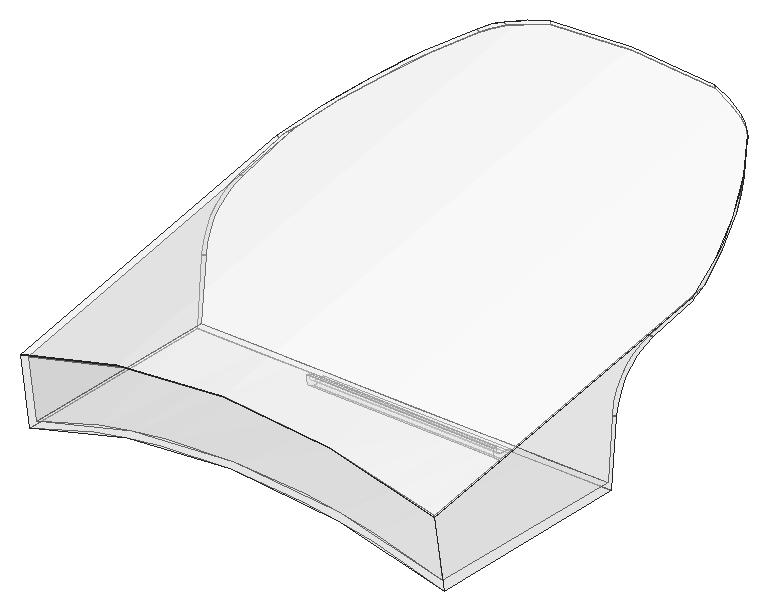
Revit family "Magnuson-Dacapo-A4_Pocket-1", category Furniture, host Face, Revit 2016
Family settings
  Host = Face
  Cut with Voids When Loaded = No
  Shared = No
  Room Calculation Point = No
Parameters (values of type "DCT-A4")
  Width = 9 1/4"
  URL = "www.magnusongroup.com"
  Type Comments = "DACAPO"  # constant formula
  Tray Finish = MAG - Polystyrene
  Salvage or Reuse = yes
  Percentage of Recycled Content = 0
  Model = "DCT-A4"
  Manufacturer = "MAGNUSON"  # constant formula
  Low Emitting Material = yes
  Low Emitting Finish = yes
  Keynote = "12500"
  Height = 11 3/16"
  Description = "A4 sized brochure holder only"
  Depth = 3"
  Default Elevation = 48"
  Assembly Code = "E2020200"
Reference planes (in)
  plane 1 "Center (Front/Back)": y = 0
  plane 2: z = 0
  plane 3 "Center (Left/Right)": x = 0
  plane 4: y = 0.59766
  plane 5: y = -0.59766
  plane 6: z = 4.90234
  plane 7: x = -4.50196
  plane 8: x = 4.50196
  plane 9: y = 6.33984
  plane 10: y = -4.80999
Forms (in)
  Blend 1, solid, material "MAG - Polystyrene" <- "Tray Finish"
    base sketch origin (0, -36.12938, -25.60004) x (1, 0, 0) y (0, 0.171012, -0.985269)
      loop
        arc (4.50196, -20.36935) -> (0, -21.22596) -> (-4.50196, -20.36935) r 12.25842
        line (-4.50196, -20.36935) -> (-4.50196, -21.94566)
        arc (-4.50196, -21.94566) -> (0, -22.79689) -> (4.50196, -21.94566) r 12.33056
        line (4.50196, -21.94566) -> (4.50196, -20.36935)
    top sketch origin (0, -36.17446, -25.60787) x (1, 0, 0) y (0, 0.171012, -0.985269)
      loop
        arc (4.50196, -18.32066) -> (0, -16.98405) -> (-4.50196, -18.32066) r 8.25
        line (-4.50196, -18.32066) -> (-4.50196, -21.94566)
        arc (-4.50196, -21.94566) -> (0, -22.79689) -> (4.50196, -21.94566) r 12.33056
        line (4.50196, -21.94566) -> (4.50196, -18.32066)
    from 35.74447 to 47.06783
  Blend 2, void
    base sketch origin (0, -36.12938, -25.60004) x (1, 0, 0) y (0, 0.171012, -0.985269)
      loop
        line (-4.40821, -20.50634) -> (-4.40821, -21.88155)
        arc (-4.40821, -21.88155) -> (0, -22.70314) -> (4.40821, -21.88155) r 12.23681
        line (4.40821, -21.88155) -> (4.40821, -20.50634)
        arc (4.40821, -20.50634) -> (0, -21.31971) -> (-4.40821, -20.50634) r 12.35217
    top sketch origin (0, -36.17446, -25.60787) x (1, 0, 0) y (0, 0.171012, -0.985269)
      loop
        line (-4.40821, -18.38462) -> (-4.40821, -21.88155)
        arc (-4.40821, -21.88155) -> (0, -22.70314) -> (4.40821, -21.88155) r 12.23681
        line (4.40821, -21.88155) -> (4.40821, -18.38462)
        arc (4.40821, -18.38462) -> (0, -17.10815) -> (-4.40821, -18.38462) r 8.25
    from 35.83634 to 47.14574
  Extrusion 3, void
    sketch origin (0.11419, -36.12938, -25.60004) x (0, 0.171012, -0.985269) y (0, 0.985269, 0.171012)
      loop
        line (-20.89969, 40.5665) -> (-17, 39.52158) -> (-17, 47.6293) -> (-21.88155, 47.6293) -> (-21.88155, 43.04914)
        arc (-21.88155, 43.04914) -> (-21.84702, 42.39794) -> (-21.82586, 41.74616) r 31.79101
        arc (-21.82586, 41.74616) -> (-21.55935, 41.00199) -> (-20.89969, 40.5665) r 1.25
    from -5.22839 to 5
  Extrusion 4, void
    sketch origin (0, -36.12938, -25.60004) x (1, 0, 0) y (0, 0.985269, 0.171012)
      loop
        line (-1.21149, 47.11025) -> (1.21149, 47.11025)
        arc (1.21149, 47.11025) -> (1.9094, 46.98965) -> (2.57071, 46.73609) r 3.63731
        arc (2.57071, 46.73609) -> (2.76645, 46.60757) -> (2.92693, 46.43706) r 1
        arc (2.92693, 46.43706) -> (4.04812, 44.41398) -> (4.60391, 42.16875) r 8.80673
        line (4.60391, 42.16875) -> (4.60391, 47.36025) -> (-4.60391, 47.36025) -> (-4.60391, 42.16875)
        arc (-4.60391, 42.16875) -> (-4.04812, 44.41398) -> (-2.92693, 46.43706) r 8.80673
        arc (-2.92693, 46.43706) -> (-2.76645, 46.60757) -> (-2.57071, 46.73609) r 1
        arc (-2.57071, 46.73609) -> (-1.9094, 46.98965) -> (-1.21149, 47.11025) r 3.63731
    from 21.32621 to 23.13155
  Extrusion 5, solid, material "MAG - Polystyrene" <- "Tray Finish"
    sketch origin (-20.00002, -40.58554, 0.25721) x (0, 0, -1) y (0, 1, 0)
      loop
        line (0, 41.04757) -> (-0.09343, 41.05528) -> (-0.11532, 40.79025)
        arc (-0.11532, 40.79025) -> (-0.16323, 40.70936) -> (-0.25643, 40.69703) r 0.10756
        line (-0.25643, 40.69703) -> (-0.2897, 40.69703) -> (-0.29673, 40.61198)
        arc (-0.29673, 40.61198) -> (-0.11637, 40.62805) -> (-0.02189, 40.78253) r 0.20131
        line (-0.02189, 40.78253) -> (0, 41.04757)
    from 17.97192 to 22.02811
Cuts and joins
  Blend 2, Extrusion 3, Extrusion 4 cuts Blend 1
Lines and regions (in)
  symbolic lines
    curve 1: spline (-1.78277, 0, 4.77469) -> (-1.48724, 0, 4.81365) -> (-1.19084, 0, 4.84555) -> (-0.89374, 0, 4.87039) -> (-0.59612, 0, 4.88814) -> (-0.29814, 0, 4.89879) -> (0, 0, 4.90234) -> (0.29814, 0, 4.89879) -> (0.59612, 0, 4.88814) -> (0.89374, 0, 4.87039) -> (1.19084, 0, 4.84555) -> (1.48724, 0, 4.81365) -> (1.78277, 0, 4.77469)
    curve 2: spline (1.78277, 0, 4.68134) -> (1.48726, 0, 4.72059) -> (1.19087, 0, 4.75275) -> (0.89377, 0, 4.77777) -> (0.59614, 0, 4.79566) -> (0.29816, 0, 4.8064) -> (0, 0, 4.80997) -> (-0.29816, 0, 4.8064) -> (-0.59614, 0, 4.79566) -> (-0.89377, 0, 4.77777) -> (-1.19087, 0, 4.75275) -> (-1.48726, 0, 4.72059) -> (-1.78277, 0, 4.68134)
    curve 3: line (4.50196, 0, 3.34922) -> (4.50196, 0, 0.54639)
    curve 4: line (-4.50196, 0, 0.54639) -> (4.50196, 0, 0.54639)
    curve 5: line (-4.50196, 0, 0.54639) -> (-4.50196, 0, 3.34922)
    curve 6: line (-4.40821, 0, 0.66844) -> (4.40821, 0, 0.66844)
    curve 7: line (4.40821, 0, 0.66844) -> (4.40821, 0, 3.36209)
    curve 8: line (-4.40821, 0, 0.66844) -> (-4.40821, 0, 3.36209)
    curve 9: arc (-3.73674, 0, 4.00549) -> (-2.80458, 0, 4.50396) -> (-1.78277, 0, 4.77469) r 4.56556
    curve 10: arc (-4.50196, 0, 3.34922) -> (-4.13607, 0, 3.69685) -> (-3.73674, 0, 4.00549) r 4.95923
    curve 11: arc (-1.78277, 0, 4.68134) -> (-2.55902, 0, 4.49532) -> (-3.28871, 0, 4.17172) r 4.38657
    curve 12: arc (-3.28871, 0, 4.17172) -> (-3.92422, 0, 3.76187) -> (-4.50196, 0, 3.27394) r 5.88763
    curve 13: arc (3.73674, 0, 4.00549) -> (2.80458, 0, 4.50396) -> (1.78277, 0, 4.77469) r 4.56556
    curve 14: arc (4.50196, 0, 3.34922) -> (4.13607, 0, 3.69685) -> (3.73674, 0, 4.00549) r 4.95923
    curve 15: arc (1.78277, 0, 4.68134) -> (2.55902, 0, 4.49532) -> (3.28871, 0, 4.17172) r 4.38657
    curve 16: arc (3.28871, 0, 4.17172) -> (3.92422, 0, 3.76187) -> (4.50196, 0, 3.27394) r 5.88763
    curve 17: spline (-4.40821, 0, 2.0876) -> (-3.6992, 0, 2.33299) -> (-2.97624, 0, 2.53504) -> (-2.24206, 0, 2.69299) -> (-1.49942, 0, 2.80623) -> (-0.75113, 0, 2.87435) -> (0, 0, 2.89709) -> (0.75113, 0, 2.87435) -> (1.49942, 0, 2.80623) -> (2.24206, 0, 2.69299) -> (2.97624, 0, 2.53504) -> (3.6992, 0, 2.33299) -> (4.40821, 0, 2.0876)
    curve 18: spline (4.40821, 0, 0.73265) -> (3.6987, 0, 0.97562) -> (2.9755, 0, 1.17566) -> (2.24131, 0, 1.33201) -> (1.49883, 0, 1.44411) -> (0.7508, 0, 1.51153) -> (0, 0, 1.53404) -> (-0.7508, 0, 1.51153) -> (-1.49883, 0, 1.44411) -> (-2.24131, 0, 1.33201) -> (-2.9755, 0, 1.17566) -> (-3.6987, 0, 0.97562) -> (-4.40821, 0, 0.73265)
  symbolic lines, style "InvisibleLines", not visible
    curve 19: line (4.50196, 0, 42.66844) -> (4.50196, 0, -8.33156)
    curve 20: line (-4.50196, 0, 42.66844) -> (-4.50196, 0, -8.33156)
Dimensions and locks (in)
  equal spacing: plane 7, plane 3 "Center (Left/Right)", plane 8
  plane 7 to plane 8 = 9 1/256"
  plane 9 to plane 1 "Center (Front/Back)" to plane 10 = 6 87/256", 4.80999"
  plane 9 to plane 10 = 11.14984"
  aligned and locked: plane 2 to host face
  aligned and locked: level to host face
  aligned and locked: plane 8 to curve 19
  aligned and locked: plane 7 to curve 20
Automatic sketch dimensions
  host sketch curve to host sketch curve = 26.03768"
  host sketch curve to host sketch curve = 29.81589"
  Blend 1 sketch curve to plane 7 = 0"  (x2)
  Blend 1 sketch curve to plane 3 "Center (Left/Right)" = 0"  (x4)
  Blend 1 sketch curve to plane 8 = 0"  (x2)
  Blend 1 sketch curve to Blend 1 sketch curve = 1.57631"
  Blend 1 sketch curve to Blend 1 sketch curve = 9.90302"
  Blend 1 sketch curve to Blend 1 sketch curve = 1.4988"
  Blend 1 sketch curve to Blend 1 sketch curve = 3.28838"
  Blend 1 sketch curve to Blend 1 sketch curve = 3 5/8"
  Blend 1 sketch curve to Blend 1 sketch curve = 7.85433"
  Blend 2 sketch curve to plane 3 "Center (Left/Right)" = 0"  (x4)
  Blend 2 sketch curve to plane 7 = 3/32"  (x2)
  plane 8 to Blend 2 sketch curve = 3/32"  (x2)
  Blend 2 sketch curve to Blend 2 sketch curve = 1.37521"
  Blend 2 sketch curve to Blend 2 sketch curve = 10.04001"
  Blend 2 sketch curve to Blend 2 sketch curve = 1.4988"
  Blend 2 sketch curve to Blend 2 sketch curve = 3.47661"
  Blend 2 sketch curve to Blend 2 sketch curve = 3.49693"
  Blend 2 sketch curve to Blend 2 sketch curve = 7.91829"
  Extrusion 3 sketch curve to plane 10 = 0.05128"
  plane 6 to Extrusion 3 sketch curve = 29.33532"
  Extrusion 3 sketch curve to Extrusion 3 sketch curve = 31.72748"
  Extrusion 3 sketch curve to Extrusion 3 sketch curve = 0.98186"
  Extrusion 3 sketch curve to Extrusion 3 sketch curve = 0.32352"
  Extrusion 3 sketch curve to Extrusion 3 sketch curve = 4.88155"
  Extrusion 3 sketch curve to Extrusion 3 sketch curve = 0.47393"
  Extrusion 3 sketch curve to Extrusion 3 sketch curve = 1.04492"
  Extrusion 3 sketch curve to Extrusion 3 sketch curve = 1.20741"
  Extrusion 3 sketch curve to Extrusion 3 sketch curve = 1.30299"
  Extrusion 3 sketch curve to Extrusion 3 sketch curve = 4.58016"
  plane 7 to Extrusion 4 sketch curve = 0.10195"
  Extrusion 4 sketch curve to plane 7 = 0.3533"
  Extrusion 4 sketch curve to plane 3 "Center (Left/Right)" = 2.1235"
  Extrusion 4 sketch curve to plane 3 "Center (Left/Right)" = 1.21149"
  Extrusion 4 sketch curve to plane 3 "Center (Left/Right)" = 0.94406"
  plane 3 "Center (Left/Right)" to Extrusion 4 sketch curve = 0.94406"
  plane 3 "Center (Left/Right)" to Extrusion 4 sketch curve = 1.21149"
  Extrusion 4 sketch curve to Extrusion 4 sketch curve = 0.91201"
  plane 8 to Extrusion 4 sketch curve = 0.3533"
  Extrusion 4 sketch curve to plane 8 = 0.10195"
  Extrusion 4 sketch curve to Extrusion 4 sketch curve = 0"  (x4)
  Extrusion 4 sketch curve to Extrusion 4 sketch curve = 0.97521"  (x2)
  Extrusion 4 sketch curve to Extrusion 4 sketch curve = 1.31403"
  Extrusion 4 sketch curve to Extrusion 4 sketch curve = 2.35888"  (x2)
  Extrusion 4 sketch curve to Extrusion 4 sketch curve = 1.26858"
  Extrusion 4 sketch curve to Extrusion 4 sketch curve = 0.92318"
  Extrusion 5 sketch curve to Extrusion 5 sketch curve = 0"  (x2)
  Extrusion 5 sketch curve to plane 1 "Center (Front/Back)" = 0.02643"
  level to Extrusion 5 sketch curve = 0.55394"
  Extrusion 5 sketch curve to plane 1 "Center (Front/Back)" = 0.11149"
  Extrusion 5 sketch curve to Extrusion 5 sketch curve = 0.00703"
  Extrusion 5 sketch curve to Extrusion 5 sketch curve = 0.03327"
  Extrusion 5 sketch curve to Extrusion 5 sketch curve = 0.03392"
  Extrusion 5 sketch curve to plane 1 "Center (Front/Back)" = 0.20471"
  Extrusion 5 sketch curve to Extrusion 5 sketch curve = 0.10719"
  Extrusion 5 sketch curve to plane 4 = 0.12791"
  Extrusion 5 sketch curve to Extrusion 5 sketch curve = 0.02189"
  Extrusion 5 sketch curve to plane 1 "Center (Front/Back)" = 0.19699"
  plane 7 to curve 5 = 0"
  curve 2 to plane 3 "Center (Left/Right)" = 0"
  curve 18 to plane 3 "Center (Left/Right)" = 0"
  curve 1 to plane 3 "Center (Left/Right)" = 0"
  curve 17 to plane 3 "Center (Left/Right)" = 0"
  plane 8 to curve 3 = 0"
  curve 6 to plane 7 = 3/32"
  level to curve 11 = 0.34022"
  curve 11 to plane 3 "Center (Left/Right)" = 1.15292"
  curve 11 to curve 9 = 0.02071"
  curve 10 to level = 0.06761"
  curve 9 to curve 10 = 0.22458"
  curve 12 to plane 3 "Center (Left/Right)" = 0.42206"
  plane 3 "Center (Left/Right)" to curve 16 = 0.42206"
  curve 14 to level = 0.06761"
  plane 3 "Center (Left/Right)" to curve 14 = 0.90762"
  level to curve 13 = 0.25572"
  curve 14 to curve 13 = 0.22458"
  curve 13 to curve 15 = 0.02071"
  plane 8 to curve 6 = 3/32"
  curve 16 to level = 0.97089"
  curve 12 to curve 16 = 0"
  curve 9 to curve 11 = 0.0845"
  curve 13 to curve 15 = 0.0845"
  level to curve 4 = 0.54639"
  curve 3 to curve 7 = 0.12206"
  curve 5 to plane 6 = 1.55312"
  curve 3 to plane 6 = 1.55312"
  curve 18 to curve 6 = 0"
  curve 9 to curve 10 = 0"
  curve 10 to curve 11 = 0.44803"
  curve 12 to curve 11 = 0"
  curve 9 to plane 6 = 0.12765"
  curve 1 to curve 2 = 0"
  curve 1 to plane 6 = 0.12765"
  curve 13 to curve 15 = 0"
  curve 16 to curve 15 = 0"
  curve 2 to plane 8 = 7.73485"
  curve 2 to curve 17 = 0"
  curve 2 to curve 1 = 3/32"
  curve 17 to curve 18 = 0.11537"
  curve 1 to curve 12 = 6.27568"
  curve 2 to curve 1 = 0"
  curve 19 to curve 1 = 1.08498"
  curve 20 to curve 1 = 1.08498"
  curve 17 to curve 1 = 1.91289"
  curve 18 to curve 17 = 1.47672"
  curve 6 to curve 18 = 0.0642"
  curve 17 to curve 16 = 1.18634"
  plane 6 to curve 20 = 37.7661"
  curve 19 to curve 20 = 0"
